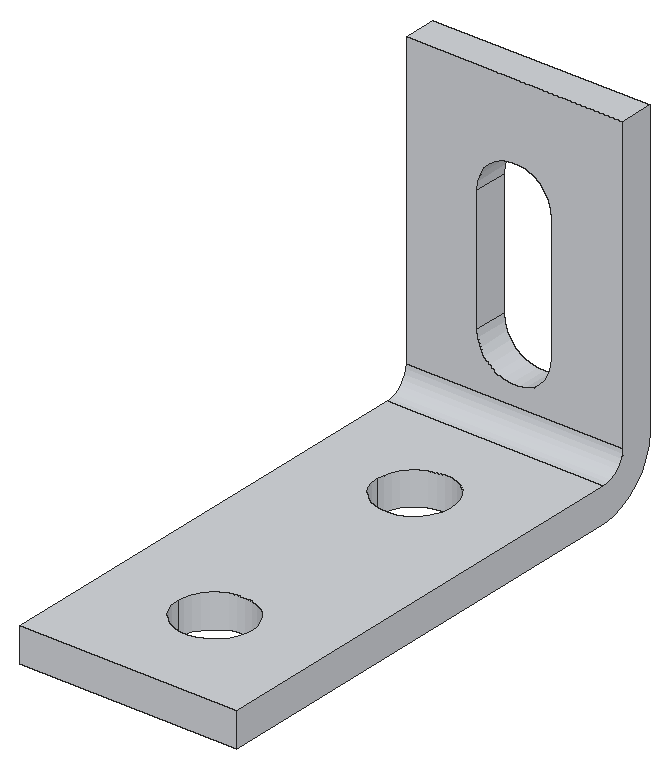
Revit family "Fitting-Ninety_Degree_Angle-Unistrut-P1747", category Specialty Equipment, Revit 2012
Parameters
  ecoScorecard_data = "http://products.ecoscorecard.com/atkore/P1747"
  ecoScorecard Product Page = "http://products.ecoscorecard.com/atkore/P1747?action=html"
  Weight Per Piece = 0.66 lbf
  Unit = none
  Unistrut Part Number = "P1747"  # constant formula
  URL = "http://unistrut.us/index.php"
  Thickness = 1/4"  # constant formula
  Subcategory = "Nintey Degree Angle Fittings"  # constant formula
  Product Page URL = "http://unistrut.us/index.php?WP=cat_detail&S=S05&P=P1747"
  Power Strut Part Number = "PS 3049"  # constant formula
  Part Type = "Fitting"  # constant formula
  Overall Width = 3 7/8"  # constant formula
  Overall Length = 2 5/8"  # constant formula
  Overall Height = 1 5/8"  # constant formula
  Model = "P1747"  # constant formula
  Material = ""
  Manufacturer Phone - Toll Free = "800-882-5543"  # constant formula
  Manufacturer Phone = "708-339-1610"  # constant formula
  Manufacturer Fax = "708-339-7814"  # constant formula
  Manufacturer Email = "mailto:jshaw@atkore.com"
  Manufacturer Address = "16100 South Lathrop Avenue, Harvey, IL 60426"  # constant formula
  Manufacturer = "Unistrut by Atkore International"  # constant formula
  Load Capacity Note = "Visit the product page for load application and capacity."  # constant formula
  Literature URL = "http://unistrut.us/index.php?WP=LItLibrary"
  Hole Diameter = 9/16"  # constant formula
  Cost Info = "mailto:jshaw@atkore.com"
  CAD URL = "http://unistrut.us/index.php?WP=CAD3d"
  Assembly Code = "D5020100"
  95 CSI = "16070"  # constant formula
  04 CSI = "26 05 48"  # constant formula
Reference planes (in)
  plane 1 "Center (Front/Back)": y = 0
  plane 2: z = 0
  plane 3 "Center (Left/Right)": x = 0
  plane 4: y = 1.9375
  plane 5: y = -1.9375
  plane 6: x = -0.8125
  plane 7: x = 0.8125
  plane 8: z = 2.625
  plane 9: y = 0.74972
  plane 10: y = -1.12472
  plane 11: z = 1.3125
  plane 12: z = 2.0625
  plane 13: z = 0.5625
Dimensions and locks (in)
  "Overall Width": plane 4 to plane 5
  plane 6 to plane 7 = 1 5/8"
  "Overall Length": plane 8 to plane 2
  plane 7 to plane 6 = 1 5/8"
  "Thickness": nested 1 to plane 4
  aligned and locked: level to plane 2
  aligned and locked: plane 1 "Center (Front/Back)" to nested 1
  aligned and locked: plane 3 "Center (Left/Right)" to nested 1
Nested families (in)
  nested 1: "1747" at (0, 0, 0), type "1747"
Definition of nested family "1747"
  Parameters (values of type "1747")
    ecoScorecard_data = "http://products.ecoscorecard.com/atkore/P1000"
    ecoScorecard Product Page = ""
    Weight Per Piece = 0.00 lbf
    Weight Per Foot = 0.00 lbf/ft
    Unit = none
    URL = "http://unistrut.us/index.php"
    Thread Size = 0"
    Thickness = ""
    Subcategory = ""
    Product Page URL = ""
    Overall Width = 0"
    Overall Length = 0"
    Overall Height = 0"
    Material = ""
    Manufacturer Phone - Toll Free = "800-882-5543"  # constant formula
    Manufacturer Phone = "708-339-1610"  # constant formula
    Manufacturer Fax = "708-339-7814"  # constant formula
    Manufacturer Email = "mailto:questions@atkore.com"
    Manufacturer Address = "16100 South Lathrop Avenue, Harvey, IL 60426"  # constant formula
    Manufacturer = "Atkore International"  # constant formula
    Load Capacity Note = "Visit the product page for load application and capacity."  # constant formula
    Literature URL = "http://unistrut.us/index.php?WP=LItLibrary"
    Length = 0"
    Hole Diameter on Plate = 0"
    Hole Diameter = 0"
    Gauge Thickness = ""
    Diameter = 0"
    Cost Info = "mailto:questions@atkore.com"
    Construction Note = ""
    Category = "Specialty Equipment"  # constant formula
    CAD URL = "http://unistrut.us/index.php?WP=CAD3d"
    Bolt Size = 0"
    Assembly Code = "D5020100"
    Angle = 0.00°
    Allowable Moment = 0 N·m
    95 CSI = "16070"  # constant formula
    04 CSI = "26 05 48"  # constant formula
  Reference planes (in)
    plane 1 "Center (Front/Back)": y = 0
    plane 2: z = 0
    plane 3 "Center (Left/Right)": x = 0
    plane 4: y = 1.9375
    plane 5: y = -1.9375
    plane 6: y = 0.74972
  Forms (in)
    Extrusion 1, solid, material <- "Unit"
      sketch origin (0, 0, 0) x (0, 1, 0) y (0, 0, 1)
        loop
          line (1.9375, 2.625) -> (1.6875, 2.625) -> (1.6875, 0.42588)
          arc (1.6875, 0.42588) -> (1.63599, 0.30151) -> (1.51162, 0.25) r 0.17588
          line (1.51162, 0.25) -> (-1.9375, 0.25) -> (-1.9375, 0) -> (1.50824, 0)
          arc (1.50824, 0) -> (1.81177, 0.12573) -> (1.9375, 0.42926) r 0.42926
          line (1.9375, 0.42926) -> (1.9375, 2.625)
      from -0.8125 to 0.8125
    Extrusion 2, void
      sketch origin (0, 0, 0) x (1, 0, 0) y (0, 0, 1)
        loop
          line (-0.28125, 1.78125) -> (-0.28125, 0.84375)
          arc (-0.28125, 0.84375) -> (0, 0.5625) -> (0.28125, 0.84375) r 0.28125
          line (0.28125, 0.84375) -> (0.28125, 1.78125)
          arc (0.28125, 1.78125) -> (0, 2.0625) -> (-0.28125, 1.78125) r 0.28125
      from -3.23772 to -0.35869
    Extrusion 3, void
      sketch origin (0, 0, 0) x (1, 0, 0) y (0, 1, 0)
        loop
          circle (0, 0.74972) r 0.28125
        loop
          circle (0, -1.12472) r 0.28125
      from -0.92667 to 0.70617
  Cuts and joins
    Extrusion 2, Extrusion 3 cuts Extrusion 1
  Dimensions and locks (in)
    plane 4 to plane 1 "Center (Front/Back)" = 1 15/16"
    aligned and locked: level to plane 2
